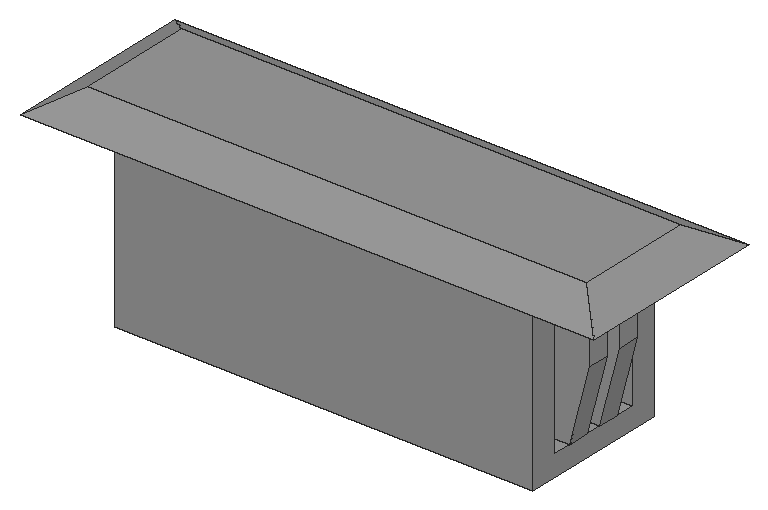
Revit family "ITK_Заглушка SC-Duplex пластик (черный)", category Обобщенные модели, Revit 2019
Family settings
  Может служить основой для арматурных стержней = Нет
  Размер круглого соединителя = Использовать диаметр
  Тип детали = Нормальный
  На основе рабочей плоскости = Нет
  Всегда вертикально = Да
  При загрузке вырезать с полостями = Нет
  Общий = Нет
  Точка расчета площади = Нет
Parameters (values of type "FOBX-Z-SCDX")
  Степень защиты = ""
  Материал = Окраска - RAL 9005
  Изготовитель = "ITK"  # constant formula
  Дата изменения = ""
  Тип монтажа = ""  # constant formula
  URL = "https://www.iek.ru/"
  KSI_CPr_Строительные изделия = "61.1.04.08"  # constant formula
  KSI_CMa_Строительные материалы = "01.7.14.03"  # constant formula
  IEK_Цена за единицу = 11.68
  IEK_Поиск в таблице имен = ""
  IEK_Описание = "Изготовлены из высококачественных материалов.\r\nСоответствие международным стандартам и ГОСТ Р."
  IEK_URL = "https://www.itk-group.ru/produktsiya/catalog/oborudovanie_telekommunikatsionnoe/komponenty_sks_opticheskie/komponenty_sks_opticheskie/opticheskie_krossy_19/itk_zaglushka_sc_duplex_plastik_chernyy"
  ADSK_Примечание = ""
  ADSK_Позиция [instance] = ""
  ADSK_Наименование = "ITK Заглушка SC duplex пластик (черный)"
  ADSK_Материал обозначение = ""
  ADSK_Материал наименование = "Пластик"  # constant formula
  ADSK_Масса = 0
  ADSK_Марка = ""  # constant formula
  ADSK_Код изделия = "FOBX-Z-SCDX"
  ADSK_Завод-изготовитель = "IEK"  # constant formula
  ADSK_Единица измерения = "шт"  # constant formula
  ADSK_Группирование = "I. ЩИТЫ И ПУЛЬТЫ"  # constant formula
  ADSK_Версия семейства = "1.0"  # constant formula
  ADSK_Версия Revit = "2019"  # constant formula
  ADSK_URL страницы изделия = "https://www.itk-group.ru/produktsiya/catalog/oborudovanie_telekommunikatsionnoe/komponenty_sks_opticheskie/komponenty_sks_opticheskie/opticheskie_krossy_19/?pagec=30"
Reference planes
  plane 1 "По центру (Вперед/Назад)": y = 0
  plane 2: z = 0
  plane 3 "По центру (Влево/Вправо)": x = 0
  plane 4: x = -62.5
  plane 5: x = 62.5
Forms (mm)
  Extrusion 1, solid, material "Окраска - RAL 9005" <- "Материал", detail levels fine
    sketch origin (0, 0, 0) x (0, 1, 0) y (0, 0, 1)
      loop
        line (4.6, 10.5) -> (3, 10.5) -> (3, 1.3) -> (1.8, 1.3) -> (0.5, 1.3) -> (-0.5, 1.3) -> (-1.8, 1.3) -> (-3, 1.3) -> (-3, 10.5) -> (-4.6, 10.5) -> (-4.6, 0) -> (4.6, 0) -> (4.6, 10.5)
    from -12.75 to 12.75
  Extrusion 2, solid, material "Окраска - RAL 9005" <- "Материал", detail levels fine
    sketch origin (0, 0, 0) x (1, 0, 0) y (0, 0, 1)
      loop
        line (-14, 9) -> (-14, 5.965) -> (-12.75, 1.3) -> (-11.75, 1.3) -> (-11.75, 9) -> (-14, 9)
      loop
        line (14, 9) -> (11.75, 9) -> (11.75, 1.3) -> (12.75, 1.3) -> (14, 5.965) -> (14, 9)
    from 0.5 to 1.8
  Extrusion 3, solid, material "Окраска - RAL 9005" <- "Материал", detail levels fine
    sketch origin (0, 0, 0) x (1, 0, 0) y (0, 0, -1)
      loop
        line (-14, -9) -> (-11.75, -9) -> (-11.75, -1.3) -> (-12.75, -1.3) -> (-14, -5.965) -> (-14, -9)
      loop
        line (14, -9) -> (14, -5.965) -> (12.75, -1.3) -> (11.75, -1.3) -> (11.75, -9) -> (14, -9)
    from 0.5 to 1.8
  Blend 4, solid, material "Окраска - RAL 9005" <- "Материал", detail levels fine
    base sketch origin (0, 0, 0) x (1, 0, 0) y (0, 1, 0)
      loop
        line (-17.5, -5.9) -> (17.5, -5.9) -> (17.5, 5.9) -> (-17.5, 5.9) -> (-17.5, -5.9)
    top sketch origin (0, 0, 0) x (1, 0, 0) y (0, 1, 0)
      loop
        line (-15.248, 3.6) -> (-15.248, -3.6) -> (15.248, -3.6) -> (15.248, 3.6) -> (-15.248, 3.6)
    from 10.5 to 11.8
  Extrusion 5, void
    sketch origin (0, 0, 0) x (1, 0, 0) y (0, 1, 0)
      loop
        line (-11.75, 3.6) -> (-11.75, -3.6) -> (11.75, -3.6) -> (11.75, 3.6) -> (-11.75, 3.6)
    from 0 to 2.158
  Extrusion 6, solid, material "Условный материал-отделка", detail levels coarse+medium
    sketch origin (0, 0, 0) x (1, 0, 0) y (0, 1, 0)
      loop
        line (-17.5, 5.9) -> (-17.5, -5.9) -> (17.5, -5.9) -> (17.5, 5.9) -> (-17.5, 5.9)
    from 0 to 11.8
Cuts and joins
  Extrusion 5 cuts Extrusion 1
  Extrusion 5 cuts Extrusion 2
  Extrusion 5 cuts Extrusion 3
Dimensions and locks
  equal spacing: plane 5, plane 3 "По центру (Влево/Вправо)", plane 4
  plane 5 to plane 4 = 125 mm
  aligned and locked: level to plane 2
  aligned and locked: Extrusion 6 to Blend 4
Automatic sketch dimensions
  Extrusion 1 sketch curve to Extrusion 1 sketch curve = 1.2 mm  (x2)
  plane 1 "По центру (Вперед/Назад)" to Extrusion 1 sketch curve = 0.5 mm
  Extrusion 1 sketch curve to plane 1 "По центру (Вперед/Назад)" = 0.5 mm
  level to Extrusion 2 sketch curve = 1.3 mm  (x2)
  Extrusion 2 sketch curve to Extrusion 2 sketch curve = 1 mm  (x2)
  plane 3 "По центру (Влево/Вправо)" to Extrusion 2 sketch curve = 11.75 mm
  Extrusion 2 sketch curve to Extrusion 2 sketch curve = 2.25 mm  (x2)
  Extrusion 2 sketch curve to Extrusion 2 sketch curve = 4.665 mm  (x2)
  Extrusion 2 sketch curve to Extrusion 2 sketch curve = 3.035 mm  (x2)
  level to Extrusion 3 sketch curve = 5.965 mm
  Extrusion 3 sketch curve to plane 3 "По центру (Влево/Вправо)" = 14 mm
  level to Extrusion 3 sketch curve = 1.3 mm  (x2)
  Extrusion 3 sketch curve to Extrusion 3 sketch curve = 1.25 mm
  Extrusion 3 sketch curve to Extrusion 3 sketch curve = 1 mm  (x2)
  plane 3 "По центру (Влево/Вправо)" to Extrusion 3 sketch curve = 11.75 mm
  Extrusion 3 sketch curve to Extrusion 3 sketch curve = 2.25 mm
  Extrusion 3 sketch curve to Extrusion 3 sketch curve = 4.665 mm
  Extrusion 3 sketch curve to Extrusion 3 sketch curve = 3.035 mm  (x2)
  Blend 4 sketch curve to plane 1 "По центру (Вперед/Назад)" = 5.9 mm
  Blend 4 sketch curve to plane 3 "По центру (Влево/Вправо)" = 17.5 mm
  plane 1 "По центру (Вперед/Назад)" to Blend 4 sketch curve = 5.9 mm
  plane 3 "По центру (Влево/Вправо)" to Blend 4 sketch curve = 17.5 mm
  plane 1 "По центру (Вперед/Назад)" to Blend 4 sketch curve = 3.6 mm
  Blend 4 sketch curve to plane 3 "По центру (Влево/Вправо)" = 15.248 mm
  Blend 4 sketch curve to plane 1 "По центру (Вперед/Назад)" = 3.6 mm
  plane 3 "По центру (Влево/Вправо)" to Blend 4 sketch curve = 15.248 mm
  Extrusion 5 sketch curve to plane 1 "По центру (Вперед/Назад)" = 3.6 mm
  plane 3 "По центру (Влево/Вправо)" to Extrusion 5 sketch curve = 11.75 mm
  plane 1 "По центру (Вперед/Назад)" to Extrusion 5 sketch curve = 3.6 mm
  Extrusion 1 sketch curve to level = 0 mm
  Extrusion 1 sketch curve to Extrusion 1 sketch curve = 1.3 mm  (x2)
  Extrusion 1 sketch curve to Extrusion 1 sketch curve = 1.6 mm  (x2)
  level to Extrusion 1 sketch curve = 1.3 mm
  Extrusion 1 sketch curve to Extrusion 1 sketch curve = 9.2 mm
  Extrusion 1 sketch curve to Extrusion 1 sketch curve = 0 mm
  Extrusion 2 sketch curve to plane 3 "По центру (Влево/Вправо)" = 11.75 mm
  Extrusion 5 sketch curve to plane 3 "По центру (Влево/Вправо)" = 11.75 mm
  plane 1 "По центру (Вперед/Назад)" to Extrusion 6 sketch curve = 5.9 mm
  Extrusion 6 sketch curve to plane 3 "По центру (Влево/Вправо)" = 17.5 mm
  plane 3 "По центру (Влево/Вправо)" to Extrusion 6 sketch curve = 17.5 mm
  Extrusion 6 sketch curve to plane 1 "По центру (Вперед/Назад)" = 5.9 mm
